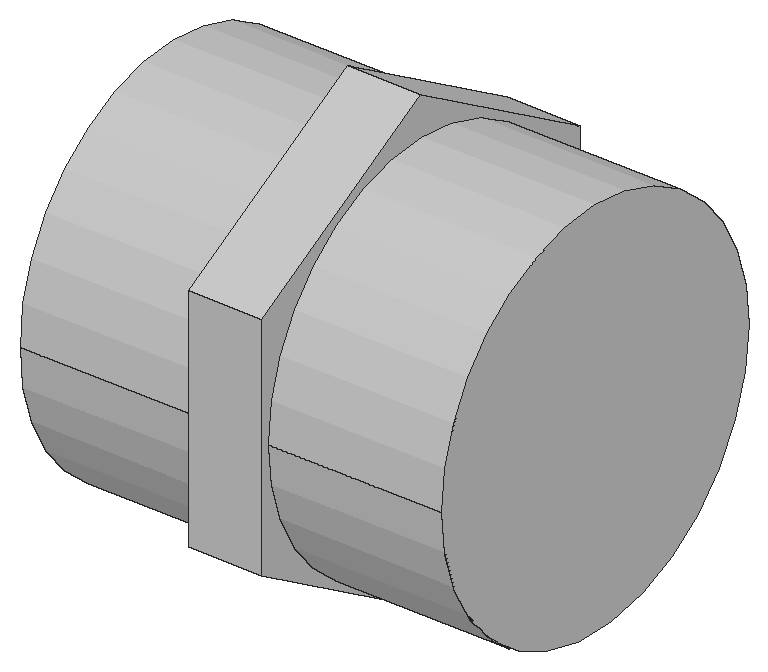
Revit family "VTi.582.I_Фитинг_ниппель_Нерж_VALTEC", category Соединительные детали трубопроводов, Revit 2023
Family settings
  Размер круглого соединителя = Использовать диаметр
  Тип детали = Мультипорт
  На основе рабочей плоскости = Нет
  Всегда вертикально = Да
  При загрузке вырезать с полостями = Нет
  Общий = Нет
Parameters
  Отметка по умолчанию = 0 mm
  l_гайки [instance] = size_lookup(LT, "l_гайки", 4 mm, dn)  # 4 mm
  dn [instance] = 15 mm
  d_гайки [instance] = size_lookup(LT, "d_гайки", 25 mm, dn)  # 25 mm
  d [instance] = size_lookup(LT, "d", 20.9 mm, dn)  # 20.9 mm
  LT = "VTi.582.I_Фитинг_ниппель_Нерж_VALTEC"  # constant formula
  L [instance] = size_lookup(LT, "L", 23 mm, dn)  # 23 mm
  ADSK_Примечание [instance] = ""
  ADSK_Позиция [instance] = ""
  ADSK_Обозначение [instance] = ADSK_Марка  # "VTi.582.I.0404"
  ADSK_Наименование [instance] = size_lookup(LT, "", "Типоразмер не найден", dn)  # "Фитинг из нержавеющей стали - ниппель 1/2х1/2\""
  ADSK_Материал = Сталь, нержавеющая - VALTEC
  ADSK_Масса [instance] = size_lookup(LT, "ADSK_Масса", 0, dn)  # 0.056
  ADSK_Марка [instance] = size_lookup(LT, "ADSK_Марка", "Типоразмер не найден", dn)  # "VTi.582.I.0404"
  ADSK_Количество = 1  # constant formula
  ADSK_Код изделия [instance] = "VTi.582.I"  # constant formula
  ADSK_Завод-изготовитель [instance] = "VALTEC"  # constant formula
  ADSK_Единица измерения = "шт."  # constant formula
Reference planes
  plane 1 "По центру (Вперед/Назад)": y = 0
  plane 2: z = 0
  plane 3 "По центру (Влево/Вправо)": x = 0
  plane 4: x = -11.5
  plane 5: x = 11.5
  plane 6: x = -2
  plane 7: x = 2
Forms (mm)
  Sweep 1, solid, material "Сталь, нержавеющая - VALTEC" <- "ADSK_Материал"
    path in 3D
      loop
        line (-11.5, 0, 0) -> (-2, 0, 0)
    profile origin (-6.75, 0, 0) x (0, 1, 0) y (0, 0, 1)
      loop
        circle (0, 0) r 10.45
  Sweep 2, solid, material "Сталь, нержавеющая - VALTEC" <- "ADSK_Материал"
    path in 3D
      loop
        line (2, 0, 0) -> (11.5, 0, 0)
    profile origin (6.75, 0, 0) x (0, 1, 0) y (0, 0, 1)
      loop
        circle (0, 0) r 10.45
Lines and regions (mm)
  model lines
    curve 1: line (-11.5, 0, 0) -> (-2, 0, 0)
    curve 2: line (2, 0, 0) -> (11.5, 0, 0)
  sketch lines
    curve 3: line (-11.5, 0, 0) -> (-2, 0, 0)
    curve 4: line (2, 0, 0) -> (11.5, 0, 0)
Dimensions and locks
  equal spacing: plane 4, plane 3 "По центру (Влево/Вправо)", plane 5
  "L": plane 4 to plane 5
  equal spacing: plane 6, plane 3 "По центру (Влево/Вправо)", plane 7
  "l_гайки": plane 6 to plane 7
  "d": diameter of Sweep 1 sketch curve
  "d": diameter of Sweep 2 sketch curve
  aligned and locked: level to plane 2
  aligned and locked: nested 1 to plane 6
  aligned and locked: plane 1 "По центру (Вперед/Назад)" to nested 1
  aligned and locked: plane 4 to curve 1
  aligned and locked: plane 6 to curve 1
  aligned and locked: plane 7 to curve 2
  aligned and locked: plane 5 to curve 2
  aligned and locked: plane 1 "По центру (Вперед/Назад)" to curve 2
  aligned and locked: plane 1 "По центру (Вперед/Назад)" to curve 1
Automatic sketch dimensions
  Sweep 1 sketch curve to profile plane = 0 mm  (x2)
  Sweep 2 sketch curve to profile plane = 0 mm  (x2)
Nested families
  nested 1: "Гайка_6 сторон" at (-2, 0, 0) x (0, -1, 0) z (0, 0, 1), L <- "l_гайки", d <- "d_гайки", ADSK_Материал <- "ADSK_Материал", type "Гайка_6 сторон"
    with m 21.651 mm, d 25 mm, L 4 mm, ADSK_Материал Сталь, нержавеющая - VALTEC
Connectors
  piping at (-11.5, 0, 0), diameter 15, driven by "dn"
    settings: on Sweep 1, index 1, connector inside diameter 609.6 mm, connector length 0 mm, flow factor 0, pipe flow 0.0 L/s, pressure drop 0.0 Pa, fitting loss kfactor 0, connector angle 0.00°, fixture units 0, engagement length 0 mm, angle of deflection 0.00°, flow configuration 0, flow direction 0, fitting loss method 0, system type 28, joint type 0, gender type 0, connector reference index -1, connector utility 0, adjustable connector no, is connector primary yes, connector description ""
  piping at (11.5, 0, 0), diameter 15, driven by "dn"
    settings: on Sweep 2, index 2, connector inside diameter 609.6 mm, connector length 0 mm, flow factor 0, pipe flow 0.0 L/s, pressure drop 0.0 Pa, fitting loss kfactor 0, connector angle 0.00°, fixture units 0, engagement length 0 mm, angle of deflection 0.00°, flow configuration 0, flow direction 0, fitting loss method 0, system type 28, joint type 0, gender type 0, connector reference index -1, connector utility 0, adjustable connector no, is connector primary no, connector description ""
Definition of nested family "Гайка_6 сторон"
  Parameters (values of type "Гайка_6 сторон")
    Default Elevation = 0 mm
    m [instance] = (d / 2) / (2 * tan(180.00° / 6)) * 2  # 12.99 mm
    d [instance] = 15 mm
    L [instance] = 15.008 mm
    ADSK_Материал [instance] = none
  Reference planes
    plane 1 "По центру (Вперед/Назад)": y = 0
    plane 2: z = 0
    plane 3 "По центру (Влево/Вправо)": x = 0
    plane 4: x = -6.495
    plane 5: x = 6.495
    plane 6: z = 7.5
    plane 7: z = -7.5
    plane 8: through (-4.434, -1524, 2.56) normal (0.5, 0, 0.866)
    plane 9: through (4.434, -1524, 2.56) normal (0.5, 0, -0.866)
    plane 10: through (-1.187, -1524, 8.185) normal (0.5, 0, 0.866)
    plane 11: through (-7.682, -1524, -3.065) normal (0.5, 0, 0.866)
    plane 12: through (1.187, -1524, 8.185) normal (0.5, 0, -0.866)
    plane 13: through (7.682, -1524, -3.065) normal (0.5, 0, -0.866)
    plane 14: y = 15.008
  Forms (mm)
    Extrusion 1, solid, material <- "ADSK_Материал"
      sketch origin (0, 0, 0) x (1, 0, 0) y (0, 0, 1)
        loop
          line (0, 7.5) -> (-6.495, 3.75) -> (-6.495, -3.75) -> (0, -7.5) -> (6.495, -3.75) -> (6.495, 3.75) -> (0, 7.5)
      from -15.008 to 0
  Dimensions and locks
    equal spacing: plane 5, plane 3 "По центру (Влево/Вправо)", plane 4
    "m": plane 5 to plane 4
    equal spacing: plane 6, plane 2, plane 7
    "d": plane 6 to plane 7
    equal spacing: plane 12, plane 9, plane 13
    "m": plane 12 to plane 13
    equal spacing: plane 10, plane 8, plane 11
    "m": plane 10 to plane 11
    "L": plane 1 "По центру (Вперед/Назад)" to plane 14
    aligned and locked: level to plane 2
    aligned and locked: Extrusion 1 sketch curve to plane 4
    aligned and locked: plane 12 to Extrusion 1 sketch curve
    aligned and locked: plane 10 to Extrusion 1 sketch curve
    aligned and locked: Extrusion 1 sketch curve to plane 5
    aligned and locked: Extrusion 1 sketch curve to plane 13
    aligned and locked: Extrusion 1 sketch curve to plane 11
    aligned and locked: plane 1 "По центру (Вперед/Назад)" to Extrusion 1
    aligned and locked: plane 14 to Extrusion 1
Types in the file's own list only (3): name | Отметка по умолчанию
  Фитинг из нержавеющей стали - ниппель 1/2х1/2" | 0 мм
  Фитинг из нержавеющей стали - ниппель 3/4х3/4" | 0 мм
  Фитинг из нержавеющей стали - ниппель 1х1" | 0 мм
